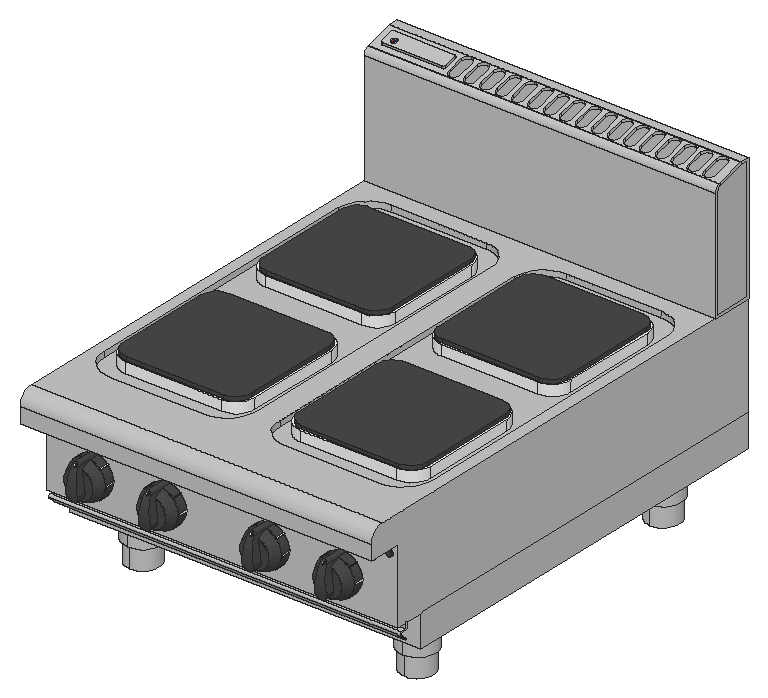
Revit family "QF_Moffat_RN8400SE-B_Electric_Cooktops_Sealed_Hobs_cat", category Specialty Equipment, Revit 2019 (continued)
Definition of nested family "RN8400SE-B"
  Automatic sketch dimensions
    Extrusion 8 sketch curve to Extrusion 8 sketch curve = 175.734 mm
    Extrusion 1 to Extrusion 2 sketch curve = 19 mm
    Extrusion 2 sketch curve to Extrusion 2 sketch curve = 50 mm  (x6)
    Extrusion 2 sketch curve to Extrusion 2 sketch curve = 0 mm  (x2)
    Extrusion 2 sketch curve to Extrusion 2 sketch curve = 162 mm
    Extrusion 2 sketch curve to Extrusion 2 sketch curve = 38 mm
    Extrusion 1 to Extrusion 2 sketch curve = 69 mm
    Extrusion 3 sketch curve to Extrusion 2 = 265.244 mm
    Extrusion 3 sketch curve to Extrusion 2 = 34.88 mm
    Extrusion 3 sketch curve to Extrusion 3 sketch curve = 105.098 mm
    Extrusion 4 sketch curve to Extrusion 3 = 3.518 mm  (x2)
    Extrusion 4 sketch curve to Extrusion 4 sketch curve = 27 mm  (x6)
    Extrusion 4 sketch curve to Extrusion 3 = 4 mm  (x7)
    Extrusion 4 sketch curve to Extrusion 3 = 30.518 mm
    Extrusion 4 sketch curve to Extrusion 3 = 30.456 mm  (x4)
    Extrusion 4 sketch curve to Extrusion 3 = 3.456 mm  (x2)
    Extrusion 4 sketch curve to Extrusion 3 = 3.434 mm  (x2)
    Extrusion 4 sketch curve to Extrusion 3 = 30.434 mm
    Extrusion 4 sketch curve to Extrusion 3 = 30.418 mm  (x4)
    Extrusion 4 sketch curve to Extrusion 3 = 3.418 mm  (x2)
    Extrusion 4 sketch curve to Extrusion 3 = 31 mm
    Extrusion 2 sketch curve to Extrusion 1 = 130.599 mm
    Extrusion 8 sketch curve to Extrusion 1 = 28.7 mm  (x4)
    Extrusion 9 sketch curve to Extrusion 1 = 16.157 mm  (x2)
    plane 1 "BACK" to curve 1 = 0 mm
    curve 1 to plane 3 "LEFT" = 0 mm
    curve 4 to plane 4 "RIGHT" = 0 mm
    plane 5 "FRONT" to curve 4 = 0 mm
    plane 3 "LEFT" to curve 6 = 19 mm
    plane 9 to curve 26 = 29.5 mm
    curve 7 to curve 74 = 17 mm
    curve 73 to curve 82 = 4 mm
    curve 25 to curve 34 = 4 mm
    curve 32 to plane 9 = 1.5 mm
    curve 36 to plane 9 = 1.5 mm
    curve 83 to plane 9 = 1.5 mm
    curve 80 to plane 9 = 1.5 mm
    curve 24 to plane 9 = 2.5 mm
    curve 81 to curve 73 = 1 mm
    curve 27 to plane 9 = 2.5 mm
    curve 83 to curve 75 = 1 mm
    curve 8 to plane 9 = 3.5 mm
    curve 5 to plane 9 = 3.5 mm
    plane 11 to curve 8 = 19.234 mm
    plane 11 to curve 11 = 19.234 mm
    plane 11 to curve 24 = 20.234 mm
    plane 11 to curve 76 = 20.234 mm
    plane 11 to curve 71 = 20.234 mm
    curve 11 to curve 28 = 1 mm
    curve 23 to curve 31 = 1 mm
    curve 76 to curve 84 = 1 mm
    curve 71 to curve 80 = 1 mm
    curve 21 to curve 29 = 1 mm
    curve 31 to curve 30 = 27 mm
    curve 77 to curve 78 = 27 mm
    curve 29 to curve 22 = 4 mm
    curve 77 to curve 70 = 4 mm
    curve 10 to plane 7 "Center Y" = 19 mm
    plane 7 "Center Y" to curve 14 = 19 mm
    curve 14 to curve 44 = 17 mm
    plane 7 "Center Y" to curve 68 = 36 mm
    curve 68 to curve 60 = 4 mm
    curve 44 to curve 52 = 4 mm
    plane 15 to curve 51 = 21.234 mm
    plane 15 to curve 53 = 21.234 mm
    plane 15 to curve 59 = 21.234 mm
    plane 15 to curve 46 = 21.234 mm
    curve 45 to curve 37 = 1 mm
    curve 51 to curve 43 = 1 mm
    curve 59 to curve 67 = 1 mm
    curve 53 to curve 61 = 1 mm
    plane 15 to curve 20 = 19.234 mm
    plane 15 to curve 16 = 19.234 mm
    curve 19 to plane 16 = 3.5 mm
    curve 17 to plane 16 = 3.5 mm
    curve 66 to plane 16 = 2.5 mm
    curve 38 to plane 16 = 2.5 mm
    curve 62 to plane 16 = 2.5 mm
    curve 41 to plane 16 = 2.5 mm
    curve 49 to plane 16 = 1.5 mm
    curve 55 to plane 16 = 1.5 mm
    curve 57 to plane 16 = 1.5 mm
    curve 46 to plane 16 = 1.5 mm
    plane 16 to curve 56 = 25.5 mm
    plane 16 to curve 48 = 25.5 mm
    curve 57 to curve 64 = 4 mm
    curve 47 to curve 40 = 4 mm
    plane 4 "RIGHT" to curve 18 = 19 mm
    curve 20 to plane 5 "FRONT" = 104.599 mm
    curve 12 to plane 5 "FRONT" = 104.599 mm
    curve 38 to curve 13 = 15.12 mm
    curve 28 to curve 5 = 15.117 mm
    curve 28 to curve 36 = 3.518 mm
    curve 37 to curve 46 = 3.521 mm
    curve 25 to plane 8 "Center X" = 68.044 mm
    curve 43 to plane 8 "Center X" = 68.042 mm
    curve 25 to curve 33 = 1.544 mm
    curve 43 to curve 51 = 1.542 mm
    plane 8 "Center X" to curve 62 = 37.056 mm
    plane 8 "Center X" to curve 76 = 37.056 mm
    curve 76 to curve 84 = 3.434 mm
    curve 62 to curve 54 = 3.435 mm
    plane 12 to curve 74 = 140.582 mm
    curve 70 to curve 68 = 0 mm
    curve 73 to curve 81 = 1.582 mm
    curve 64 to curve 56 = 1.582 mm
    curve 70 to curve 10 = 20.382 mm
    curve 67 to curve 14 = 20.382 mm
    Extrusion 1 sketch curve to plane 5 "FRONT" = 0 mm
    Extrusion 1 sketch curve to plane 5 "FRONT" = 24 mm
    Extrusion 1 sketch curve to plane 5 "FRONT" = 56 mm
    Extrusion 1 sketch curve to Extrusion 1 sketch curve = 25 mm
    level to Extrusion 1 sketch curve = 140 mm
    Extrusion 1 sketch curve to Extrusion 1 sketch curve = 126 mm
    Extrusion 1 sketch curve to plane 1 "BACK" = 0 mm
    Extrusion 1 to Extrusion 2 sketch curve = 150.2 mm  (x3)
    radius of Extrusion 9 sketch curve = 5 mm  (x2)
    radius of Extrusion 10 sketch curve = 6.35 mm
    radius of Extrusion 8 sketch curve = 7.15 mm  (x4)
  Nested families
    nested 1: "Small Leg" at (33.75, -593.25, 0), type "Small Leg"
    nested 2: "Small Leg" at (566.25, -593.25, 0) x (-1, 0, 0) z (0, 0, 1), type "Small Leg"
    nested 3: "Knob" at (55.003, -746.031, 164.502), type "Knob"
    nested 4: "Knob" at (179.269, -746.031, 164.502), type "Knob"
    nested 5: "Small Leg" at (33.75, -68.25, 0), type "Small Leg"
    nested 6: "Small Leg" at (566.25, -68.25, 0) x (-1, 0, 0) z (0, 0, 1), type "Small Leg"
    nested 7: "Knob" at (355.738, -746.031, 164.502), type "Knob"
    nested 8: "Knob" at (480.003, -746.031, 164.502), type "Knob"
  Definition of nested family "Small Leg"
    Parameters (values of type "Small Leg")
      Weight in Pounds = 0
      URL Cutsheet = ""
      Specification by User = ""
      Specification by Manufacturer = ""
      Serial Number = ""
      Seismic Rating = ""
      SMACNA No = ""
      Revision Code = ""
      NAFEM Spec ID Number = ""
      Masterspec = ""
      Length = 63.5 mm
      Item Number = ""
      Installed By = ""
      Identify Quantity as Lot = yes
      Height = 85 mm
      Furnished By = ""
      Foodservice Equipment Identifier = yes
      Depth = 63.5 mm
      CSI MasterFormat = ""
    Reference planes
      plane 1 "BACK": y = 0
      plane 2: z = 0
      plane 3 "LEFT": x = 0
      plane 4 "RIGHT": x = 63.5
      plane 5 "FRONT": y = -63.5
      plane 6 "TOP": z = 85
      plane 7 "Center Y": x = 31.75
      plane 8 "Center X": y = -31.75
    Forms (mm)
      Revolve 1, solid
        sketch origin (31.75, 175.397, 1219.2) x (0, 1, 0) y (0, 0, 1)
          loop
            line (-207.147, -1134.2) -> (-207.147, -1219.2) -> (-179.647, -1219.2) -> (-179.647, -1184.2) -> (-175.397, -1184.2) -> (-175.397, -1134.2) -> (-207.147, -1134.2)
          axis (-207.147, -1134.2) -> (-207.147, -1219.2)
        angle from 0 to 360
    Dimensions and locks
      equal spacing: plane 3 "LEFT", plane 7 "Center Y", plane 4 "RIGHT"
      "Length": plane 3 "LEFT" to plane 4 "RIGHT"
      equal spacing: plane 5 "FRONT", plane 8 "Center X", plane 1 "BACK"
      "Depth": plane 5 "FRONT" to plane 1 "BACK"
      "Height": plane 6 "TOP" to level
      plane 4 "RIGHT" to plane 3 "LEFT" = 63.5 mm
      aligned and locked: level to plane 2
    Automatic sketch dimensions
      Revolve 1 sketch curve to plane 6 "TOP" = 0 mm
      Revolve 1 sketch curve to plane 8 "Center X" = 0 mm  (x2)
      Revolve 1 sketch curve to level = 0 mm  (x2)
      Revolve 1 sketch curve to plane 1 "BACK" = 0 mm
      Revolve 1 sketch curve to Revolve 1 sketch curve = 4.25 mm
      level to Revolve 1 sketch curve = 35 mm
      Revolve 1 sketch curve to Revolve 1 sketch curve = 20 mm
  Definition of nested family "Knob"
    Parameters (values of type "Knob")
      Weight in Pounds = 0
      URL Cutsheet = ""
      Specification by User = ""
      Specification by Manufacturer = ""
      Serial Number = ""
      Seismic Rating = ""
      SMACNA No = ""
      Revision Code = ""
      NAFEM Spec ID Number = ""
      Masterspec = ""
      Length = 65 mm
      Item Number = ""
      Installed By = ""
      Identify Quantity as Lot = yes
      Height = 69.5 mm
      Furnished By = ""
      Foodservice Equipment Identifier = yes
      Depth = 59 mm
      CSI MasterFormat = ""
    Reference planes
      plane 1 "BACK": y = 0
      plane 2: z = 0
      plane 3 "LEFT": x = 0
      plane 4 "RIGHT": x = 65
      plane 5 "FRONT": y = -59
      plane 6 "TOP": z = 69.5
      plane 7 "Center Y": x = 32.5
      plane 8 "Center X": y = -29.5
    Forms (mm)
      Revolve 1, solid
        sketch origin (32.5, 175.397, 1219.2) x (0, 1, 0) y (0, 0, 1)
          loop
            line (-175.397, -1186.7) -> (-219.397, -1186.7) -> (-219.397, -1211.501) -> (-202.106, -1219.2) -> (-185.397, -1219.2) -> (-185.397, -1191.7) -> (-175.397, -1191.7) -> (-175.397, -1186.7)
          axis (-219.397, -1186.7) -> (-175.397, -1186.7)
        angle from 0 to 360
      Extrusion 2, solid
        sketch origin (32.5, 175.397, 1219.2) x (0, 1, 0) y (0, 0, 1)
          loop
            line (-202.106, -1154.2) -> (-185.397, -1154.2) -> (-185.397, -1149.7) -> (-224.105, -1149.7)
            arc (-224.105, -1149.7) -> (-233.965, -1178.467) -> (-230.696, -1208.7) r 70
            line (-230.696, -1208.7) -> (-219.397, -1208.7) -> (-219.397, -1161.899) -> (-202.106, -1154.2)
        from -15 to 15
      Extrusion 3, void
        sketch origin (0, 0, 0) x (1, 0, 0) y (0, 0, 1)
          loop
            line (27.501, 64.613) -> (22.02, 20.585)
            arc (22.02, 20.585) -> (32.792, 10.488) -> (42.986, 21.169) r 10.487
            line (42.986, 21.169) -> (37.499, 64.613)
            arc (37.499, 64.613) -> (32.5, 69.5) -> (27.501, 64.613) r 5
          loop
            line (10, 72.977) -> (10, 5.625) -> (55, 5.625) -> (55, 72.977) -> (10, 72.977)
        from 6.142 to 69.687
      Extrusion 4, solid
        sketch origin (0, -34.115, -16.916) x (1, 0, 0) y (0, 0.45399, 0.891007)
          loop
            circle (32.497, 65) r 2
        from 51.525 to 53.075
      Extrusion 5, solid
        sketch origin (32.5, -10, 32.5) x (0, 0, -1) y (-1, 0, 0)
          loop
            line (-23.54, -22.408) -> (-24.106, -22.974)
            arc (-24.106, -22.974) -> (-23.547, -23.547) -> (-22.974, -24.106) r 33.3
            line (-22.974, -24.106) -> (-22.408, -23.54)
            arc (-22.408, -23.54) -> (-22.981, -22.981) -> (-23.54, -22.408) r 32.5
          loop
            arc (-0.8, -33.29) -> (0, -33.3) -> (0.8, -33.29) r 33.3
            line (0.8, -33.29) -> (0.8, -32.49)
            arc (0.8, -32.49) -> (0, -32.5) -> (-0.8, -32.49) r 32.5
            line (-0.8, -32.49) -> (-0.8, -33.29)
          loop
            arc (23.54, -22.408) -> (22.981, -22.981) -> (22.408, -23.54) r 32.5
            line (22.408, -23.54) -> (22.974, -24.106)
            arc (22.974, -24.106) -> (23.547, -23.547) -> (24.106, -22.974) r 33.3
            line (24.106, -22.974) -> (23.54, -22.408)
          loop
            arc (-23.54, 22.408) -> (-22.981, 22.981) -> (-22.408, 23.54) r 32.5
            line (-22.408, 23.54) -> (-22.974, 24.106)
            arc (-22.974, 24.106) -> (-23.547, 23.547) -> (-24.106, 22.974) r 33.3
            line (-24.106, 22.974) -> (-23.54, 22.408)
          loop
            line (-0.8, 33.29) -> (-0.8, 32.49)
            arc (-0.8, 32.49) -> (0, 32.5) -> (0.8, 32.49) r 32.5
            line (0.8, 32.49) -> (0.8, 33.29)
            arc (0.8, 33.29) -> (0, 33.3) -> (-0.8, 33.29) r 33.3
          loop
            line (32.49, -0.8) -> (33.29, -0.8)
            arc (33.29, -0.8) -> (33.3, 0) -> (33.29, 0.8) r 33.3
            line (33.29, 0.8) -> (32.49, 0.8)
            arc (32.49, 0.8) -> (32.5, 0) -> (32.49, -0.8) r 32.5
          loop
            arc (24.106, 22.974) -> (23.547, 23.547) -> (22.974, 24.106) r 33.3
            line (22.974, 24.106) -> (22.408, 23.54)
            arc (22.408, 23.54) -> (22.981, 22.981) -> (23.54, 22.408) r 32.5
            line (23.54, 22.408) -> (24.106, 22.974)
        from 0 to -16.709
    Cuts and joins
      Extrusion 3 cuts Extrusion 2
    Dimensions and locks
      equal spacing: plane 3 "LEFT", plane 7 "Center Y", plane 4 "RIGHT"
      "Length": plane 3 "LEFT" to plane 4 "RIGHT"
      equal spacing: plane 5 "FRONT", plane 8 "Center X", plane 1 "BACK"
      "Depth": plane 5 "FRONT" to plane 1 "BACK"
      "Height": plane 6 "TOP" to level
      plane 4 "RIGHT" to plane 3 "LEFT" = 65 mm
      aligned and locked: level to plane 2
    Automatic sketch dimensions
      Revolve 1 sketch curve to level = 0 mm
      Revolve 1 sketch curve to plane 1 "BACK" = 0 mm  (x2)
      plane 1 "BACK" to Revolve 1 sketch curve = 10 mm
      plane 8 "Center X" to Revolve 1 sketch curve = 2.791 mm
      Revolve 1 sketch curve to plane 8 "Center X" = 14.5 mm
      level to Revolve 1 sketch curve = 7.699 mm
      level to Revolve 1 sketch curve = 27.5 mm
      Revolve 1 sketch curve to Revolve 1 sketch curve = 5 mm
      Revolve 1 sketch curve to Revolve 1 sketch curve = 35 mm
      Revolve 1 sketch curve to Revolve 1 sketch curve = 0 mm
      Extrusion 2 sketch curve to plane 6 "TOP" = 0 mm
      Extrusion 2 sketch curve to plane 5 "FRONT" = 3.702 mm
      Extrusion 2 sketch curve to plane 5 "FRONT" = 10.293 mm
      Extrusion 2 sketch curve to Extrusion 2 sketch curve = 11.298 mm
      plane 8 "Center X" to Extrusion 2 sketch curve = 2.791 mm
      plane 1 "BACK" to Extrusion 2 sketch curve = 10 mm
      Extrusion 2 sketch curve to plane 1 "BACK" = 11 mm
      Extrusion 2 sketch curve to plane 6 "TOP" = 4.5 mm
      Extrusion 2 sketch curve to plane 6 "TOP" = 12.199 mm
      level to Extrusion 2 sketch curve = 32.962 mm
      level to Extrusion 3 sketch curve = 5.625 mm
      Extrusion 3 sketch curve to plane 7 "Center Y" = 0 mm  (x2)
      Extrusion 3 sketch curve to plane 7 "Center Y" = 4.999 mm
      Extrusion 3 sketch curve to plane 7 "Center Y" = 10.48 mm
      plane 6 "TOP" to Extrusion 3 sketch curve = 3.477 mm
      plane 3 "LEFT" to Extrusion 3 sketch curve = 10 mm
      Extrusion 3 sketch curve to plane 6 "TOP" = 4.887 mm
      Extrusion 3 sketch curve to Extrusion 3 sketch curve = 4.999 mm
      plane 7 "Center Y" to Extrusion 3 sketch curve = 10.486 mm
      level to Extrusion 3 sketch curve = 20.585 mm
      Extrusion 3 sketch curve to Extrusion 3 sketch curve = 0.387 mm
      Extrusion 3 sketch curve to Extrusion 3 sketch curve = 0.113 mm
      plane 4 "RIGHT" to Extrusion 3 sketch curve = 10 mm
      Extrusion 5 sketch curve to Revolve 1 = 32.49 mm
      Revolve 1 to Extrusion 5 sketch curve = 32.49 mm
      Extrusion 5 sketch curve to Revolve 1 = 23.54 mm  (x2)
      Revolve 1 to Extrusion 5 sketch curve = 23.54 mm  (x2)
      Extrusion 5 sketch curve to Revolve 1 = 24.106 mm  (x2)
      Revolve 1 to Extrusion 5 sketch curve = 24.106 mm  (x2)
      Revolve 1 to Extrusion 5 sketch curve = 22.408 mm  (x2)
      Extrusion 5 sketch curve to Revolve 1 = 22.408 mm  (x2)
      Revolve 1 to Extrusion 5 sketch curve = 22.974 mm  (x2)
      Extrusion 5 sketch curve to Revolve 1 = 22.974 mm  (x2)
      Extrusion 5 sketch curve to Extrusion 5 sketch curve = 1.6 mm  (x2)
      Revolve 1 to Extrusion 5 sketch curve = 0.8 mm
      Extrusion 5 sketch curve to Revolve 1 = 0.8 mm
      Extrusion 4 sketch curve to plane 7 "Center Y" = 0.003 mm
      radius of Extrusion 5 sketch curve to Revolve 1 = 0 mm  (x7)
      radius of Revolve 1 to Extrusion 5 sketch curve = 0.8 mm  (x7)
      radius of Extrusion 4 sketch curve = 2 mm
